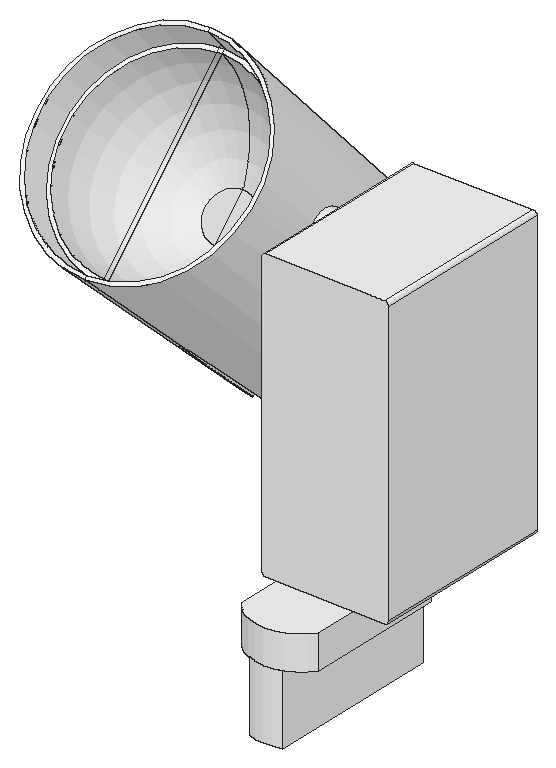
Revit family "0004814 Feilo Sylvania Lighting Fixture START TRACK SPOT S 24W 3K RA80 NB WHITE", category Lighting Fixtures, host Face, Revit 2017
Family settings
  Host = Face
  Round Connector Dimension = Use Diameter
  Part Type = Normal
  OmniClass Number = 23.80.70.00
  OmniClass Title = Lighting
  Cut with Voids When Loaded = No
  Light Source = No
  Shared = No
  Room Calculation Point = No
Parameters (values of type "0004814 START TRACK SPOT S 24W 3K RA80 NB WHITE")
  Weight = "0.966 kg"
  Wattage Comments = ""
  WarrantyStartDate [instance] = "n/a"
  WarrantyGuarantorParts = "n/a"
  WarrantyDurationUnit = "n/a"
  WarrantyDurationParts = "n/a"
  WarrantyDescription = "n/a"
  Voltage = 230 V
  URL = "http://www.sylvania-lighting.com"
  TypeName = "START TRACK SPOT S 24W 3K RA80 NB WHITE"
  TypeHead_FEILO = Start Track Spot Head : 0004814 START TRACK SPOT S 24W 3K RA80 NB WHITE
  TypeBox_FEILO = Start Track Spot Box : Type Small White
  Type Image = <None>
  Type Comments = "n/a"
  VerticalRotation_FEILO [instance] = 0.00°
  SlideEndAngle_FEILO [instance] = VerticalRotation_FEILO + 180.00°  # 180.00°
  SerialNumber [instance] = "n/a"
  Material_3_FEILO = none
  PowerFactor = 0.95
  PowerConsumption = "24 W"
  NominalLength = 0 mm
  NominalHeight = 200 mm
  NominalDepth = 140 mm
  Name = "START TRACK SPOT S 24W 3K RA80 NB WHITE"
  ModelReference = Name  # "START TRACK SPOT S 24W 3K RA80 NB WHITE"
  ModelNumber = "0004814"
  Model = Name  # "START TRACK SPOT S 24W 3K RA80 NB WHITE"
  Material = "adc12 aluminium housing, polycarbonate diffuser"
  ManufacturerName = "Feilo Sylvania"
  Manufacturer = "Feilo Sylvania"
  LuminousEfficacy = "97 lm/W"
  LuminaireType = ""
  LightOutputRatio = "100"
  LampsType = Lamp  # "LED"
  LampNominalLuminous = "2334 lm"
  LampMacAdamStep = "3"
  LampColourTemperature = "3000 K"
  LampColourRenderingIndex = "80"
  Lamp = "LED"
  Keynote = "16500"
  InstallationDate [instance] = "n/a"
  InputVoltage = "230-240V~"
  InputNominalFrequency = "50/60 Hz"
  IngressProtection = "IP20"
  ImpactProtectionIndex = "IK02"
  IfcExportType = "IfcLightFixtureType"
  IfcExportAs = "IfcLightFixtureType"
  HorizontalRotation_FEILO [instance] = 45.00°
  ExpectedLife = 50000
  ElectricShockClassification = "Class II"
  DurationUnit = "hours"
  DocumentationLiterature = "http://www.sylvania-lighting.com/product/en-int/products/0004814"
  DimmingControlOptions = "Non dimmable"
  Material_2_FEILO = none
  Description = "Integrated LED spotlight, Textured White - RAL9016, compact and minimalist design, ideal for retail applications, die-cast aluminium body, passive cooling heatsink. Beam angle: 12°, color temperature: 3000K , total system power: 24W, total fixture output: 2334 lm, LOR: 100%, colour rendering: Ra: 80 typical, LED Chromaticity: 3 step MacAdam ellipse, lifetime: >50000 hours at L70B50, energy class: A++, A+, A, IR/UV free light source without heat radiation, operating voltage: 220-240V / 50-60Hz, drive current: 600mA, electronic driver, non-dimmable, power factor: 0.95, electrical protection: Class II, Global Track 3 Phase adapter suitable for Global trac 3-circuit tracks, ingress protection rating: IP20, suitable for internal environment only, horizontal rotation: 355°, vertical tilt: 90°, dimensions: Ø86x140x200, weight: 0.966kg."
  Default Elevation = 1219.2 mm
  CreatedOn = "12/12/2017"
  CreatedBy = ""
  Cost = 0
  built-in parameter 1114216 [instance] = (empty or 0)
  ClassificationValue = "EF_70_80"
  ClassificationName = "Uniclass2015"
  Material_1_FEILO = Body-Sylvania-StartTrackSpot-White
  BarCode [instance] = "n/a"
  AssetType = "Fixed"
  AssetIdentifier [instance] = "n/a"
  Assembly Code = "D5020200"
  Apparent Load = 24 VA
  Material_4_FEILO = none
Reference planes
  plane 1 "Center (Front/Back)": y = 0
  plane 2: z = 0
  plane 3 "Center (Left/Right)": x = 0
  plane 4: x = 15
  plane 5: x = -15
  plane 6: y = 35
  plane 7: y = -35
  plane 8: z = 13
  plane 9: z = -27
  plane 10: x = 6.5
  plane 11: x = -6.5
  plane 12: y = 27
  plane 13: y = -27
  plane 14: y = 20
Forms (mm)
  Extrusion 1, solid, material "Body-Sylvania-StartTrackSpot-White" <- "Material_1_FEILO"
    sketch origin (0, 0, 0) x (1, 0, 0) y (0, 1, 0)
      loop
        line (-15, 27) -> (-15, -27)
        arc (-15, -27) -> (0, -35) -> (15, -27) r 18.062
        line (15, -27) -> (15, 27)
        arc (15, 27) -> (0, 35) -> (-15, 27) r 18.062
    from 0 to 13
  Extrusion 2, solid, material "Body-Sylvania-StartTrackSpot-White" <- "Material_1_FEILO"
    sketch origin (0, 0, 0) x (1, 0, 0) y (0, 1, 0)
      loop
        arc (6.5, 33.79) -> (0, 35) -> (-6.5, 33.79) r 18.062
        line (-6.5, 33.79) -> (-6.5, -33.79)
        arc (-6.5, -33.79) -> (0, -35) -> (6.5, -33.79) r 18.062
        line (6.5, -33.79) -> (6.5, 33.79)
    from 0 to -27
  Revolve 3, solid, not visible
    sketch origin (1524, 20, 1219.2) x (1, 0, 0) y (0, 0, 1)
      loop
        line (-1524, -1206.2) -> (-1524, -1191.285) -> (-1530.5, -1191.285) -> (-1530.5, -1206.2) -> (-1524, -1206.2)
      axis (-1524, -1191.285) -> (-1524, -1206.2)
    angle from 0 <- "VerticalRotation_FEILO" to 180 <- "SlideEndAngle_FEILO"
Cuts and joins
  joined: Extrusion 1, Extrusion 2
Dimensions and locks
  equal spacing: plane 10, plane 3 "Center (Left/Right)", plane 11
  equal spacing: plane 4, plane 3 "Center (Left/Right)", plane 5
  locked: plane 8 to plane 2 at 13
  locked: plane 8 to plane 9 at 40
  equal spacing: plane 13, plane 1 "Center (Front/Back)", plane 12
  locked: plane 12 to plane 6 at 8
  locked: plane 14 to plane 6 at 15
  locked: Revolve 3 sketch curve to plane 8 at 14.915
  aligned and locked: plane 2 to host face
  aligned and locked: level to host face
  aligned and locked: plane 5 to Extrusion 1 sketch curve  (x2)
  aligned and locked: plane 12 to Extrusion 1 sketch curve
  aligned and locked: plane 13 to Extrusion 1 sketch curve
  aligned and locked: plane 4 to Extrusion 1 sketch curve
  aligned and locked: Extrusion 1 to plane 8
  aligned and locked: Extrusion 1 to level
  aligned and locked: Extrusion 2 sketch curve to Extrusion 1  (x2)
  aligned and locked: Extrusion 2 sketch curve to plane 11
  aligned and locked: plane 10 to Extrusion 2 sketch curve
  aligned and locked: plane 9 to Extrusion 2
  aligned and locked: level to Extrusion 2
  aligned and locked: Revolve 3 sketch curve to plane 3 "Center (Left/Right)"  (x2)
  aligned and locked: plane 11 to Revolve 3 sketch curve
  aligned and locked: Revolve 3 sketch curve to plane 8
Automatic sketch dimensions
  host sketch curve to host sketch curve = 2438.4 mm  (x2)
  Extrusion 1 sketch curve to plane 3 "Center (Left/Right)" = 0 mm  (x2)
  Extrusion 1 sketch curve to plane 13 = 10.062 mm
  plane 12 to Extrusion 1 sketch curve = 10.062 mm
  Revolve 3 sketch curve to plane 3 "Center (Left/Right)" = 0 mm
  plane 9 to Revolve 3 sketch curve = 582.6 mm
  Revolve 3 sketch curve to Revolve 3 sketch curve = 2581.144 mm
Nested families
  nested 1: "Start Track Spot Head" at (-62, 20, 112.529) x (0, 0.7071, 0.7071) z (0, 0.7071, -0.7071), type <- "TypeHead_FEILO", type "0004814 START TRACK SPOT S 24W 3K RA80 NB WHITE"
    with built-in parameter 1114216 (empty or 0)
  nested 2: "Start Track Spot Box" at (8.5, 20, 73) x (-1, 0, 0) z (0, -1, 0), BoxStartAngle_FEILO <- "HorizontalRotation_FEILO", type <- "TypeBox_FEILO", type "Type Small White"
    with BoxStartAngle_FEILO 45.00°, BoxEndAngle_FEILO -135.00°
Connectors
  electrical at (0, 0, 0), driven by "Apparent Load", driven by "PowerFactor", driven by "Voltage"
    settings: index 1, voltage 230 V, apparent load 24 VA, apparent load phase1 0 VA, apparent load phase2 0 VA, apparent load phase3 0 VA, power factor 0.95, load classification "Lighting", number of poles 1, system type 30, power factor state 1, is connector primary yes, connector utility no, sub classification motor no, connector description ""
Definition of nested family "Start Track Spot Head"
  Parameters (values of type "0004811 START TRACK SPOT S 14W 3K RA80 NB WHITE")
    Wattage Comments = "n/a"
    Wattage = 14 W
    built-in parameter 1150110 = 1 (stored number, unit not read)
    URL = "http://www.feilosylvania.com"
    Type Image = (empty or 0)
    Type Comments = "n/a"
    built-in parameter 1114217 = 1 (stored number, unit not read)
    Tilt Angle = -90.00°
    built-in parameter 1150109 = 1 (stored number, unit not read)
    built-in parameter 1150134 = (empty or 0)
    built-in parameter 1150113 = 1 (stored number, unit not read)
    Photometric Web File = "0004811.ies"
    Material_3_FEILO = none
    Model = "START TRACK SPOT S 14W 3K RA80 NB WHITE"
    Manufacturer = "Feilo Sylvania"
    built-in parameter 1150105 = 123.66 (stored number, unit not read)
    Lumens = 1554 lm
    built-in parameter 1150115 = 1 (stored number, unit not read)
    built-in parameter 1150137 = (empty or 0)
    built-in parameter 1150139 = (empty or 0)
    built-in parameter 1150112 = 1 (stored number, unit not read)
    built-in parameter 1150114 = 1 (stored number, unit not read)
    Lamp = "LED"
    Keynote = "16500"
    Material_2_FEILO = none
    built-in parameter 1150132 = (empty or 0)
    built-in parameter 1150102 = (empty or 0)
    built-in parameter 1150107 = 3000 (stored number, unit not read)
    built-in parameter 1150138 = (empty or 0)
    built-in parameter 1150106 = 1.2366 (stored number, unit not read)
    HeadThickness_FEILO = if(HeadDiaOut_FEILO > 112 mm, 2 mm, 1.5 mm)  # 1.5 mm
    HeadRibOffset_FEILO = HeadHeight_FEILO / 28  # 4.179 mm
    HeadRibDepth_FEILO = HeadHeight_FEILO / 2.1  # 55.714 mm
    HeadRibCutWidth_FEILO = HeadDiaOut_FEILO / 12  # 7.167 mm
    HeadRibCutOffset_FEILO = HeadHeight_FEILO / 2.3  # 50.87 mm
    HeadReflectorRadius_FEILO = HeadDiaOut_FEILO / 1.7  # 50.588 mm
    HeadReflectorOffset_FEILO = HeadHeight_FEILO / 2.1  # 55.714 mm
    HeadLEDRadius_FEILO = HeadDiaOut_FEILO / 9  # 9.556 mm
    HeadHeight_FEILO = 117 mm
    HeadDraft_FEILO = 1 mm
    HeadDiffusorThickness_FEILO = 3 mm
    HeadDiffusorOffset_FEILO = HeadHeight_FEILO / 12.4  # 9.435 mm
    HeadDiaOut_FEILO = 86 mm
    HeadDiaIn_FEILO = HeadDiaOut_FEILO / 1.11  # 77.477 mm
    HeadAxisFromTop_FEILO = HeadHeight_FEILO / 1.687  # 69.354 mm
    Emit from Circle Diameter = HeadDiaIn_FEILO  # 77.477 mm
    Emit Shape Visible in Rendering = no
    built-in parameter 1150104 = 10.312 (stored number, unit not read)
    Dimming Lamp Color Temperature Shift = (empty or 0)
    Description = "Integrated LED spotlight, Textured White - RAL9016, compact and minimalist design, ideal for retail applications, die-cast aluminium body, passive cooling heatsink. Beam angle: 12°, color temperature: 3000K , total system power: 14W, total fixture output: 1551 lm, LOR: 100%, colour rendering: Ra: 80 typical, LED Chromaticity: 3 step MacAdam ellipse, lifetime: >50000 hours at L70B50, energy class: A++, A+, A, IR/UV free light source without heat radiation, operating voltage: 220-240V / 50-60Hz, drive current: 350mA, electronic driver, non-dimmable, power factor: 0.92, electrical protection: Class II, Global Track 3 Phase adapter suitable for Global trac 3-circuit tracks, ingress protection rating: IP20, suitable for internal environment only, horizontal rotation: 355°, vertical tilt: 90°, dimensions: Ø86x140x200, weight: 0.940kg."
    Default Elevation = 1219.2 mm
    Cost = 0
    Color Filter = 16777215
    built-in parameter 1114216 [instance] = (empty or 0)
    Material_1_FEILO = none
    built-in parameter 1114218 = 1 (stored number, unit not read)
    built-in parameter 1150133 = 10 (stored number, unit not read)
    Assembly Code = "D5020200"
    Apparent Load = 14 VA
    Material_4_FEILO = none
  Types (96, lengths in mm): name | Wattage | built-in parameter 1150134 | Photometric Web File | Model | built-in parameter 1150105 | Lumens | built-in parameter 1150107 | built-in parameter 1150106 | HeadThickness_FEILO | HeadRibOffset_FEILO | HeadRibDepth_FEILO | HeadRibCutWidth_FEILO | HeadRibCutOffset_FEILO | HeadReflectorRadius_FEILO | HeadReflectorOffset_FEILO | HeadLEDRadius_FEILO | HeadHeight_FEILO | HeadDiffusorOffset_FEILO | HeadDiaOut_FEILO | HeadDiaIn_FEILO | HeadAxisFromTop_FEILO | Emit from Circle Diameter | built-in parameter 1150104 | Description | Apparent Load
    0004906 START TRACK SPOT L 55W 4K RA90 WB BLACK | 55 W | 12 | "0004906.ies" | "START TRACK SPOT L 55W 4K RA90 WB BLACK" | 385.15 (stored number, unit not read) | 4840 lm | 4000 (stored number, unit not read) | 3.8515 (stored number, unit not read) | 2 | 4.429 | 59.048 | 9.417 | 53.913 | 66.471 | 59.048 | 12.556 | 124 | 10 | 113 | 101.802 | 73.503 | 101.802 | 8.1755 (stored number, unit not read) | "Integrated LED spotlight, Textured Black - RAL9005, compact and minimalist design, ideal for retail applications, die-cast aluminium body, passive cooling heatsink. Beam angle: 52°, color temperature: 4000K , total system power: 55W, total fixture output: 4824 lm, LOR: 100%, colour rendering: Ra: 90 typical, LED Chromaticity: 3 step MacAdam ellipse, lifetime: >50000 hours at L70B50, energy class: A++, A+, A, IR/UV free light source without heat radiation, operating voltage: 220-240V / 50-60Hz, drive current: 1400mA, electronic driver, non-dimmable, power factor: 0.96, electrical protection: Class II, Global Track 3 Phase adapter suitable for Global trac 3-circuit tracks, ingress protection rating: IP20, suitable for internal environment only, horizontal rotation: 355°, vertical tilt: 90°, dimensions: Ø113x164x240, weight: 1.398kg." | 55 VA
    0004905 START TRACK SPOT L 55W 4K RA90 MB BLACK | 55 W | 12 | "0004905.ies" | "START TRACK SPOT L 55W 4K RA90 MB BLACK" | 389.53 (stored number, unit not read) | 4895 lm | 4000 (stored number, unit not read) | 3.8953 (stored number, unit not read) | 2 | 4.429 | 59.048 | 9.417 | 53.913 | 66.471 | 59.048 | 12.556 | 124 | 10 | 113 | 101.802 | 73.503 | 101.802 | 8.2684 (stored number, unit not read) | "Integrated LED spotlight, Textured Black - RAL9005, compact and minimalist design, ideal for retail applications, die-cast aluminium body, passive cooling heatsink. Beam angle: 38°, color temperature: 4000K , total system power: 55W, total fixture output: 4897 lm, LOR: 100%, colour rendering: Ra: 90 typical, LED Chromaticity: 3 step MacAdam ellipse, lifetime: >50000 hours at L70B50, energy class: A++, A+, A, IR/UV free light source without heat radiation, operating voltage: 220-240V / 50-60Hz, drive current: 1400mA, electronic driver, non-dimmable, power factor: 0.96, electrical protection: Class II, Global Track 3 Phase adapter suitable for Global trac 3-circuit tracks, ingress protection rating: IP20, suitable for internal environment only, horizontal rotation: 355°, vertical tilt: 90°, dimensions: Ø113x164x240, weight: 1.398kg." | 55 VA
    0004904 START TRACK SPOT L 55W 4K RA90 NB BLACK | 55 W | 12 | "0004904.ies" | "START TRACK SPOT L 55W 4K RA90 NB BLACK" | 393.91 (stored number, unit not read) | 4950 lm | 4000 (stored number, unit not read) | 3.9391 (stored number, unit not read) | 2 | 4.429 | 59.048 | 9.417 | 53.913 | 66.471 | 59.048 | 12.556 | 124 | 10 | 113 | 101.802 | 73.503 | 101.802 | 8.3613 (stored number, unit not read) | "Integrated LED spotlight, Textured Black - RAL9005, compact and minimalist design, ideal for retail applications, die-cast aluminium body, passive cooling heatsink. Beam angle: 15°, color temperature: 4000K , total system power: 55W, total fixture output: 4965 lm, LOR: 100%, colour rendering: Ra: 90 typical, LED Chromaticity: 3 step MacAdam ellipse, lifetime: >50000 hours at L70B50, energy class: A++, A+, A, IR/UV free light source without heat radiation, operating voltage: 220-240V / 50-60Hz, drive current: 1400mA, electronic driver, non-dimmable, power factor: 0.96, electrical protection: Class II, Global Track 3 Phase adapter suitable for Global trac 3-circuit tracks, ingress protection rating: IP20, suitable for internal environment only, horizontal rotation: 355°, vertical tilt: 90°, dimensions: Ø113x164x240, weight: 1.398kg." | 55 VA
    0004903 START TRACK SPOT L 35W 4K RA90 WB BLACK | 35 W | 12 | "0004903.ies" | "START TRACK SPOT L 35W 4K RA90 WB BLACK" | 284.09 (stored number, unit not read) | 3570 lm | 4000 (stored number, unit not read) | 2.8409 (stored number, unit not read) | 2 | 4.429 | 59.048 | 9.417 | 53.913 | 66.471 | 59.048 | 12.556 | 124 | 10 | 113 | 101.802 | 73.503 | 101.802 | 9.4761 (stored number, unit not read) | "Integrated LED spotlight, Textured Black - RAL9005, compact and minimalist design, ideal for retail applications, die-cast aluminium body, passive cooling heatsink. Beam angle: 52°, color temperature: 4000K , total system power: 35W, total fixture output: 3562 lm, LOR: 100%, colour rendering: Ra: 90 typical, LED Chromaticity: 3 step MacAdam ellipse, lifetime: >50000 hours at L70B50, energy class: A++, A+, A, IR/UV free light source without heat radiation, operating voltage: 220-240V / 50-60Hz, drive current: 900mA, electronic driver, non-dimmable, power factor: 0.93, electrical protection: Class II, Global Track 3 Phase adapter suitable for Global trac 3-circuit tracks, ingress protection rating: IP20, suitable for internal environment only, horizontal rotation: 355°, vertical tilt: 90°, dimensions: Ø113x164x240, weight: 1.368kg." | 35 VA
    0004902 START TRACK SPOT L 35W 4K RA90 MB BLACK | 35 W | 12 | "0004902.ies" | "START TRACK SPOT L 35W 4K RA90 MB BLACK" | 286.88 (stored number, unit not read) | 3605 lm | 4000 (stored number, unit not read) | 2.8688 (stored number, unit not read) | 2 | 4.429 | 59.048 | 9.417 | 53.913 | 66.471 | 59.048 | 12.556 | 124 | 10 | 113 | 101.802 | 73.503 | 101.802 | 9.569 (stored number, unit not read) | "Integrated LED spotlight, Textured Black - RAL9005, compact and minimalist design, ideal for retail applications, die-cast aluminium body, passive cooling heatsink. Beam angle: 38°, color temperature: 4000K , total system power: 35W, total fixture output: 3616 lm, LOR: 100%, colour rendering: Ra: 90 typical, LED Chromaticity: 3 step MacAdam ellipse, lifetime: >50000 hours at L70B50, energy class: A++, A+, A, IR/UV free light source without heat radiation, operating voltage: 220-240V / 50-60Hz, drive current: 900mA, electronic driver, non-dimmable, power factor: 0.93, electrical protection: Class II, Global Track 3 Phase adapter suitable for Global trac 3-circuit tracks, ingress protection rating: IP20, suitable for internal environment only, horizontal rotation: 355°, vertical tilt: 90°, dimensions: Ø113x164x240, weight: 1.368kg." | 35 VA
    0004901 START TRACK SPOT L 35W 4K RA90 NB BLACK | 35 W | 12 | "0004901.ies" | "START TRACK SPOT L 35W 4K RA90 NB BLACK" | 286.88 (stored number, unit not read) | 3605 lm | 4000 (stored number, unit not read) | 2.8688 (stored number, unit not read) | 2 | 4.429 | 59.048 | 9.417 | 53.913 | 66.471 | 59.048 | 12.556 | 124 | 10 | 113 | 101.802 | 73.503 | 101.802 | 9.569 (stored number, unit not read) | "Integrated LED spotlight, Textured Black - RAL9005, compact and minimalist design, ideal for retail applications, die-cast aluminium body, passive cooling heatsink. Beam angle: 15°, color temperature: 4000K , total system power: 35W, total fixture output: 3593 lm, LOR: 100%, colour rendering: Ra: 90 typical, LED Chromaticity: 3 step MacAdam ellipse, lifetime: >50000 hours at L70B50, energy class: A++, A+, A, IR/UV free light source without heat radiation, operating voltage: 220-240V / 50-60Hz, drive current: 900mA, electronic driver, non-dimmable, power factor: 0.93, electrical protection: Class II, Global Track 3 Phase adapter suitable for Global trac 3-circuit tracks, ingress protection rating: IP20, suitable for internal environment only, horizontal rotation: 355°, vertical tilt: 90°, dimensions: Ø113x164x240, weight: 1.368kg." | 35 VA
    0004900 START TRACK SPOT S 24W 4K RA90 WB BLACK | 24 W | 12 | "0004900.ies" | "START TRACK SPOT S 24W 4K RA90 WB BLACK" | 166.16 (stored number, unit not read) | 2088 lm | 4000 (stored number, unit not read) | 1.6616 (stored number, unit not read) | 1.5 | 4.179 | 55.714 | 7.167 | 50.87 | 50.588 | 55.714 | 9.556 | 117 | 9.435 | 86 | 77.477 | 69.354 | 77.477 | 8.0826 (stored number, unit not read) | "Integrated LED spotlight, Textured Black - RAL9005, compact and minimalist design, ideal for retail applications, die-cast aluminium body, passive cooling heatsink. Beam angle: 64°, color temperature: 4000K , total system power: 24W, total fixture output: 2087 lm, LOR: 100%, colour rendering: Ra: 90 typical, LED Chromaticity: 3 step MacAdam ellipse, lifetime: >50000 hours at L70B50, energy class: A++, A+, A, IR/UV free light source without heat radiation, operating voltage: 220-240V / 50-60Hz, drive current: 600mA, electronic driver, non-dimmable, power factor: 0.95, electrical protection: Class II, Global Track 3 Phase adapter suitable for Global trac 3-circuit tracks, ingress protection rating: IP20, suitable for internal environment only, horizontal rotation: 355°, vertical tilt: 90°, dimensions: Ø86x140x200, weight: 0.966kg." | 24 VA
    0004899 START TRACK SPOT S 24W 4K RA90 MB BLACK | 24 W | 12 | "0004899.ies" | "START TRACK SPOT S 24W 4K RA90 MB BLACK" | 169.98 (stored number, unit not read) | 2136 lm | 4000 (stored number, unit not read) | 1.6998 (stored number, unit not read) | 1.5 | 4.179 | 55.714 | 7.167 | 50.87 | 50.588 | 55.714 | 9.556 | 117 | 9.435 | 86 | 77.477 | 69.354 | 77.477 | 8.2684 (stored number, unit not read) | "Integrated LED spotlight, Textured Black - RAL9005, compact and minimalist design, ideal for retail applications, die-cast aluminium body, passive cooling heatsink. Beam angle: 36°, color temperature: 4000K , total system power: 24W, total fixture output: 2141 lm, LOR: 100%, colour rendering: Ra: 90 typical, LED Chromaticity: 3 step MacAdam ellipse, lifetime: >50000 hours at L70B50, energy class: A++, A+, A, IR/UV free light source without heat radiation, operating voltage: 220-240V / 50-60Hz, drive current: 600mA, electronic driver, non-dimmable, power factor: 0.95, electrical protection: Class II, Global Track 3 Phase adapter suitable for Global trac 3-circuit tracks, ingress protection rating: IP20, suitable for internal environment only, horizontal rotation: 355°, vertical tilt: 90°, dimensions: Ø86x140x200, weight: 0.966kg." | 24 VA
    0004898 START TRACK SPOT S 24W 4K RA90 NB BLACK | 24 W | 12 | "0004898.ies" | "START TRACK SPOT S 24W 4K RA90 NB BLACK" | 171.89 (stored number, unit not read) | 2160 lm | 4000 (stored number, unit not read) | 1.7189 (stored number, unit not read) | 1.5 | 4.179 | 55.714 | 7.167 | 50.87 | 50.588 | 55.714 | 9.556 | 117 | 9.435 | 86 | 77.477 | 69.354 | 77.477 | 8.3613 (stored number, unit not read) | "Integrated LED spotlight, Textured Black - RAL9005, compact and minimalist design, ideal for retail applications, die-cast aluminium body, passive cooling heatsink. Beam angle: 12°, color temperature: 4000K , total system power: 24W, total fixture output: 2155 lm, LOR: 100%, colour rendering: Ra: 90 typical, LED Chromaticity: 3 step MacAdam ellipse, lifetime: >50000 hours at L70B50, energy class: A++, A+, A, IR/UV free light source without heat radiation, operating voltage: 220-240V / 50-60Hz, drive current: 600mA, electronic driver, non-dimmable, power factor: 0.95, electrical protection: Class II, Global Track 3 Phase adapter suitable for Global trac 3-circuit tracks, ingress protection rating: IP20, suitable for internal environment only, horizontal rotation: 355°, vertical tilt: 90°, dimensions: Ø86x140x200, weight: 0.966kg." | 24 VA
    0004897 START TRACK SPOT S 14W 4K RA90 WB BLACK | 14 W | 12 | "0004897.ies" | "START TRACK SPOT S 14W 4K RA90 WB BLACK" | 108.07 (stored number, unit not read) | 1358 lm | 4000 (stored number, unit not read) | 1.0807 (stored number, unit not read) | 1.5 | 4.179 | 55.714 | 7.167 | 50.87 | 50.588 | 55.714 | 9.556 | 117 | 9.435 | 86 | 77.477 | 69.354 | 77.477 | 9.0116 (stored number, unit not read) | "Integrated LED spotlight, Textured Black - RAL9005, compact and minimalist design, ideal for retail applications, die-cast aluminium body, passive cooling heatsink. Beam angle: 64°, color temperature: 4000K , total system power: 14W, total fixture output: 1352 lm, LOR: 100%, colour rendering: Ra: 90 typical, LED Chromaticity: 3 step MacAdam ellipse, lifetime: >50000 hours at L70B50, energy class: A++, A+, A, IR/UV free light source without heat radiation, operating voltage: 220-240V / 50-60Hz, drive current: 350mA, electronic driver, non-dimmable, power factor: 0.92, electrical protection: Class II, Global Track 3 Phase adapter suitable for Global trac 3-circuit tracks, ingress protection rating: IP20, suitable for internal environment only, horizontal rotation: 355°, vertical tilt: 90°, dimensions: Ø86x140x200, weight: 0.940kg." | 14 VA
    0004896 START TRACK SPOT S 14W 4K RA90 MB BLACK | 14 W | 12 | "0004896.ies" | "START TRACK SPOT S 14W 4K RA90 MB BLACK" | 108.07 (stored number, unit not read) | 1358 lm | 4000 (stored number, unit not read) | 1.0807 (stored number, unit not read) | 1.5 | 4.179 | 55.714 | 7.167 | 50.87 | 50.588 | 55.714 | 9.556 | 117 | 9.435 | 86 | 77.477 | 69.354 | 77.477 | 9.0116 (stored number, unit not read) | "Integrated LED spotlight, Textured Black - RAL9005, compact and minimalist design, ideal for retail applications, die-cast aluminium body, passive cooling heatsink. Beam angle: 36°, color temperature: 4000K , total system power: 14W, total fixture output: 1359 lm, LOR: 100%, colour rendering: Ra: 90 typical, LED Chromaticity: 3 step MacAdam ellipse, lifetime: >50000 hours at L70B50, energy class: A++, A+, A, IR/UV free light source without heat radiation, operating voltage: 220-240V / 50-60Hz, drive current: 350mA, electronic driver, non-dimmable, power factor: 0.92, electrical protection: Class II, Global Track 3 Phase adapter suitable for Global trac 3-circuit tracks, ingress protection rating: IP20, suitable for internal environment only, horizontal rotation: 355°, vertical tilt: 90°, dimensions: Ø86x140x200, weight: 0.940kg." | 14 VA
    0004895 START TRACK SPOT S 14W 4K RA90 NB BLACK | 14 W | 12 | "0004895.ies" | "START TRACK SPOT S 14W 4K RA90 NB BLACK" | 106.95 (stored number, unit not read) | 1344 lm | 4000 (stored number, unit not read) | 1.0695 (stored number, unit not read) | 1.5 | 4.179 | 55.714 | 7.167 | 50.87 | 50.588 | 55.714 | 9.556 | 117 | 9.435 | 86 | 77.477 | 69.354 | 77.477 | 8.9187 (stored number, unit not read) | "Integrated LED spotlight, Textured Black - RAL9005, compact and minimalist design, ideal for retail applications, die-cast aluminium body, passive cooling heatsink. Beam angle: 12°, color temperature: 4000K , total system power: 14W, total fixture output: 1349 lm, LOR: 100%, colour rendering: Ra: 90 typical, LED Chromaticity: 3 step MacAdam ellipse, lifetime: >50000 hours at L70B50, energy class: A++, A+, A, IR/UV free light source without heat radiation, operating voltage: 220-240V / 50-60Hz, drive current: 350mA, electronic driver, non-dimmable, power factor: 0.92, electrical protection: Class II, Global Track 3 Phase adapter suitable for Global trac 3-circuit tracks, ingress protection rating: IP20, suitable for internal environment only, horizontal rotation: 355°, vertical tilt: 90°, dimensions: Ø86x140x200, weight: 0.940kg." | 14 VA
    0004894 START TRACK SPOT L 55W 3K RA90 WB BLACK | 55 W | (empty or 0) | "0004894.ies" | "START TRACK SPOT L 55W 3K RA90 WB BLACK" | 350.14 (stored number, unit not read) | 4400 lm | 3000 (stored number, unit not read) | 3.5014 (stored number, unit not read) | 2 | 4.429 | 59.048 | 9.417 | 53.913 | 66.471 | 59.048 | 12.556 | 124 | 10 | 113 | 101.802 | 73.503 | 101.802 | 7.4322 (stored number, unit not read) | "Integrated LED spotlight, Textured Black - RAL9005, compact and minimalist design, ideal for retail applications, die-cast aluminium body, passive cooling heatsink. Beam angle: 52°, color temperature: 3000K , total system power: 55W, total fixture output: 4405 lm, LOR: 100%, colour rendering: Ra: 90 typical, LED Chromaticity: 3 step MacAdam ellipse, lifetime: >50000 hours at L70B50, energy class: A++, A+, A, IR/UV free light source without heat radiation, operating voltage: 220-240V / 50-60Hz, drive current: 1400mA, electronic driver, non-dimmable, power factor: 0.96, electrical protection: Class II, Global Track 3 Phase adapter suitable for Global trac 3-circuit tracks, ingress protection rating: IP20, suitable for internal environment only, horizontal rotation: 355°, vertical tilt: 90°, dimensions: Ø113x164x240, weight: 1.398kg." | 55 VA
    0004893 START TRACK SPOT L 55W 3K RA90 MB BLACK | 55 W | (empty or 0) | "0004893.ies" | "START TRACK SPOT L 55W 3K RA90 MB BLACK" | 354.52 (stored number, unit not read) | 4455 lm | 3000 (stored number, unit not read) | 3.5452 (stored number, unit not read) | 2 | 4.429 | 59.048 | 9.417 | 53.913 | 66.471 | 59.048 | 12.556 | 124 | 10 | 113 | 101.802 | 73.503 | 101.802 | 7.5251 (stored number, unit not read) | "Integrated LED spotlight, Textured Black - RAL9005, compact and minimalist design, ideal for retail applications, die-cast aluminium body, passive cooling heatsink. Beam angle: 38°, color temperature: 3000K , total system power: 55W, total fixture output: 4448 lm, LOR: 100%, colour rendering: Ra: 90 typical, LED Chromaticity: 3 step MacAdam ellipse, lifetime: >50000 hours at L70B50, energy class: A++, A+, A, IR/UV free light source without heat radiation, operating voltage: 220-240V / 50-60Hz, drive current: 1400mA, electronic driver, non-dimmable, power factor: 0.96, electrical protection: Class II, Global Track 3 Phase adapter suitable for Global trac 3-circuit tracks, ingress protection rating: IP20, suitable for internal environment only, horizontal rotation: 355°, vertical tilt: 90°, dimensions: Ø113x164x240, weight: 1.398kg." | 55 VA
    0004892 START TRACK SPOT L 55W 3K RA90 NB BLACK | 55 W | (empty or 0) | "0004892.ies" | "START TRACK SPOT L 55W 3K RA90 NB BLACK" | 350.14 (stored number, unit not read) | 4400 lm | 3000 (stored number, unit not read) | 3.5014 (stored number, unit not read) | 2 | 4.429 | 59.048 | 9.417 | 53.913 | 66.471 | 59.048 | 12.556 | 124 | 10 | 113 | 101.802 | 73.503 | 101.802 | 7.4322 (stored number, unit not read) | "Integrated LED spotlight, Textured Black - RAL9005, compact and minimalist design, ideal for retail applications, die-cast aluminium body, passive cooling heatsink. Beam angle: 15°, color temperature: 3000K , total system power: 55W, total fixture output: 4416 lm, LOR: 100%, colour rendering: Ra: 90 typical, LED Chromaticity: 3 step MacAdam ellipse, lifetime: >50000 hours at L70B50, energy class: A++, A+, A, IR/UV free light source without heat radiation, operating voltage: 220-240V / 50-60Hz, drive current: 1400mA, electronic driver, non-dimmable, power factor: 0.96, electrical protection: Class II, Global Track 3 Phase adapter suitable for Global trac 3-circuit tracks, ingress protection rating: IP20, suitable for internal environment only, horizontal rotation: 355°, vertical tilt: 90°, dimensions: Ø113x164x240, weight: 1.398kg." | 55 VA
    0004891 START TRACK SPOT L 35W 3K RA90 WB BLACK | 35 W | (empty or 0) | "0004891.ies" | "START TRACK SPOT L 35W 3K RA90 WB BLACK" | 259.02 (stored number, unit not read) | 3255 lm | 3000 (stored number, unit not read) | 2.5902 (stored number, unit not read) | 2 | 4.429 | 59.048 | 9.417 | 53.913 | 66.471 | 59.048 | 12.556 | 124 | 10 | 113 | 101.802 | 73.503 | 101.802 | 8.64 (stored number, unit not read) | "Integrated LED spotlight, Textured Black - RAL9005, compact and minimalist design, ideal for retail applications, die-cast aluminium body, passive cooling heatsink. Beam angle: 52°, color temperature: 3000K , total system power: 35W, total fixture output: 3260 lm, LOR: 100%, colour rendering: Ra: 90 typical, LED Chromaticity: 3 step MacAdam ellipse, lifetime: >50000 hours at L70B50, energy class: A++, A+, A, IR/UV free light source without heat radiation, operating voltage: 220-240V / 50-60Hz, drive current: 900mA, electronic driver, non-dimmable, power factor: 0.93, electrical protection: Class II, Global Track 3 Phase adapter suitable for Global trac 3-circuit tracks, ingress protection rating: IP20, suitable for internal environment only, horizontal rotation: 355°, vertical tilt: 90°, dimensions: Ø113x164x240, weight: 1.368kg." | 35 VA
    0004890 START TRACK SPOT L 35W 3K RA90 MB BLACK | 35 W | (empty or 0) | "0004890.ies" | "START TRACK SPOT L 35W 3K RA90 MB BLACK" | 261.81 (stored number, unit not read) | 3290 lm | 3000 (stored number, unit not read) | 2.6181 (stored number, unit not read) | 2 | 4.429 | 59.048 | 9.417 | 53.913 | 66.471 | 59.048 | 12.556 | 124 | 10 | 113 | 101.802 | 73.503 | 101.802 | 8.7329 (stored number, unit not read) | "Integrated LED spotlight, Textured Black - RAL9005, compact and minimalist design, ideal for retail applications, die-cast aluminium body, passive cooling heatsink. Beam angle: 38°, color temperature: 3000K , total system power: 35W, total fixture output: 3306 lm, LOR: 100%, colour rendering: Ra: 90 typical, LED Chromaticity: 3 step MacAdam ellipse, lifetime: >50000 hours at L70B50, energy class: A++, A+, A, IR/UV free light source without heat radiation, operating voltage: 220-240V / 50-60Hz, drive current: 900mA, electronic driver, non-dimmable, power factor: 0.93, electrical protection: Class II, Global Track 3 Phase adapter suitable for Global trac 3-circuit tracks, ingress protection rating: IP20, suitable for internal environment only, horizontal rotation: 355°, vertical tilt: 90°, dimensions: Ø113x164x240, weight: 1.368kg." | 35 VA
    0004889 START TRACK SPOT L 35W 3K RA90 NB BLACK | 35 W | (empty or 0) | "0004889.ies" | "START TRACK SPOT L 35W 3K RA90 NB BLACK" | 261.81 (stored number, unit not read) | 3290 lm | 3000 (stored number, unit not read) | 2.6181 (stored number, unit not read) | 2 | 4.429 | 59.048 | 9.417 | 53.913 | 66.471 | 59.048 | 12.556 | 124 | 10 | 113 | 101.802 | 73.503 | 101.802 | 8.7329 (stored number, unit not read) | "Integrated LED spotlight, Textured Black - RAL9005, compact and minimalist design, ideal for retail applications, die-cast aluminium body, passive cooling heatsink. Beam angle: 15°, color temperature: 3000K , total system power: 35W, total fixture output: 3287 lm, LOR: 100%, colour rendering: Ra: 90 typical, LED Chromaticity: 3 step MacAdam ellipse, lifetime: >50000 hours at L70B50, energy class: A++, A+, A, IR/UV free light source without heat radiation, operating voltage: 220-240V / 50-60Hz, drive current: 900mA, electronic driver, non-dimmable, power factor: 0.93, electrical protection: Class II, Global Track 3 Phase adapter suitable for Global trac 3-circuit tracks, ingress protection rating: IP20, suitable for internal environment only, horizontal rotation: 355°, vertical tilt: 90°, dimensions: Ø113x164x240, weight: 1.368kg." | 35 VA
    0004888 START TRACK SPOT S 24W 3K RA90 WB BLACK | 24 W | (empty or 0) | "0004888.ies" | "START TRACK SPOT S 24W 3K RA90 WB BLACK" | 152.79 (stored number, unit not read) | 1920 lm | 3000 (stored number, unit not read) | 1.5279 (stored number, unit not read) | 1.5 | 4.179 | 55.714 | 7.167 | 50.87 | 50.588 | 55.714 | 9.556 | 117 | 9.435 | 86 | 77.477 | 69.354 | 77.477 | 7.4322 (stored number, unit not read) | "Integrated LED spotlight, Textured Black - RAL9005, compact and minimalist design, ideal for retail applications, die-cast aluminium body, passive cooling heatsink. Beam angle: 64°, color temperature: 3000K , total system power: 24W, total fixture output: 1928 lm, LOR: 100%, colour rendering: Ra: 90 typical, LED Chromaticity: 3 step MacAdam ellipse, lifetime: >50000 hours at L70B50, energy class: A++, A+, A, IR/UV free light source without heat radiation, operating voltage: 220-240V / 50-60Hz, drive current: 600mA, electronic driver, non-dimmable, power factor: 0.95, electrical protection: Class II, Global Track 3 Phase adapter suitable for Global trac 3-circuit tracks, ingress protection rating: IP20, suitable for internal environment only, horizontal rotation: 355°, vertical tilt: 90°, dimensions: Ø86x140x200, weight: 0.966kg." | 24 VA
    0004887 START TRACK SPOT S 24W 3K RA90 MB BLACK | 24 W | (empty or 0) | "0004887.ies" | "START TRACK SPOT S 24W 3K RA90 MB BLACK" | 154.7 (stored number, unit not read) | 1944 lm | 3000 (stored number, unit not read) | 1.547 (stored number, unit not read) | 1.5 | 4.179 | 55.714 | 7.167 | 50.87 | 50.588 | 55.714 | 9.556 | 117 | 9.435 | 86 | 77.477 | 69.354 | 77.477 | 7.5251 (stored number, unit not read) | "Integrated LED spotlight, Textured Black - RAL9005, compact and minimalist design, ideal for retail applications, die-cast aluminium body, passive cooling heatsink. Beam angle: 36°, color temperature: 3000K , total system power: 24W, total fixture output: 1944 lm, LOR: 100%, colour rendering: Ra: 90 typical, LED Chromaticity: 3 step MacAdam ellipse, lifetime: >50000 hours at L70B50, energy class: A++, A+, A, IR/UV free light source without heat radiation, operating voltage: 220-240V / 50-60Hz, drive current: 600mA, electronic driver, non-dimmable, power factor: 0.95, electrical protection: Class II, Global Track 3 Phase adapter suitable for Global trac 3-circuit tracks, ingress protection rating: IP20, suitable for internal environment only, horizontal rotation: 355°, vertical tilt: 90°, dimensions: Ø86x140x200, weight: 0.966kg." | 24 VA
    0004886 START TRACK SPOT S 24W 3K RA90 NB BLACK | 24 W | (empty or 0) | "0004886.ies" | "START TRACK SPOT S 24W 3K RA90 NB BLACK" | 158.52 (stored number, unit not read) | 1992 lm | 3000 (stored number, unit not read) | 1.5852 (stored number, unit not read) | 1.5 | 4.179 | 55.714 | 7.167 | 50.87 | 50.588 | 55.714 | 9.556 | 117 | 9.435 | 86 | 77.477 | 69.354 | 77.477 | 7.711 (stored number, unit not read) | "Integrated LED spotlight, Textured Black - RAL9005, compact and minimalist design, ideal for retail applications, die-cast aluminium body, passive cooling heatsink. Beam angle: 12°, color temperature: 3000K , total system power: 24W, total fixture output: 1987 lm, LOR: 100%, colour rendering: Ra: 90 typical, LED Chromaticity: 3 step MacAdam ellipse, lifetime: >50000 hours at L70B50, energy class: A++, A+, A, IR/UV free light source without heat radiation, operating voltage: 220-240V / 50-60Hz, drive current: 600mA, electronic driver, non-dimmable, power factor: 0.95, electrical protection: Class II, Global Track 3 Phase adapter suitable for Global trac 3-circuit tracks, ingress protection rating: IP20, suitable for internal environment only, horizontal rotation: 355°, vertical tilt: 90°, dimensions: Ø86x140x200, weight: 0.966kg." | 24 VA
    0004885 START TRACK SPOT S 14W 3K RA90 WB BLACK | 14 W | (empty or 0) | "0004885.ies" | "START TRACK SPOT S 14W 3K RA90 WB BLACK" | 100.27 (stored number, unit not read) | 1260 lm | 3000 (stored number, unit not read) | 1.0027 (stored number, unit not read) | 1.5 | 4.179 | 55.714 | 7.167 | 50.87 | 50.588 | 55.714 | 9.556 | 117 | 9.435 | 86 | 77.477 | 69.354 | 77.477 | 8.3613 (stored number, unit not read) | "Integrated LED spotlight, Textured Black - RAL9005, compact and minimalist design, ideal for retail applications, die-cast aluminium body, passive cooling heatsink. Beam angle: 64°, color temperature: 3000K , total system power: 14W, total fixture output: 1262 lm, LOR: 100%, colour rendering: Ra: 90 typical, LED Chromaticity: 3 step MacAdam ellipse, lifetime: >50000 hours at L70B50, energy class: A++, A+, A, IR/UV free light source without heat radiation, operating voltage: 220-240V / 50-60Hz, drive current: 350mA, electronic driver, non-dimmable, power factor: 0.92, electrical protection: Class II, Global Track 3 Phase adapter suitable for Global trac 3-circuit tracks, ingress protection rating: IP20, suitable for internal environment only, horizontal rotation: 355°, vertical tilt: 90°, dimensions: Ø86x140x200, weight: 0.940kg." | 14 VA
    0004884 START TRACK SPOT S 14W 3K RA90 MB BLACK | 14 W | (empty or 0) | "0004884.ies" | "START TRACK SPOT S 14W 3K RA90 MB BLACK" | 100.27 (stored number, unit not read) | 1260 lm | 3000 (stored number, unit not read) | 1.0027 (stored number, unit not read) | 1.5 | 4.179 | 55.714 | 7.167 | 50.87 | 50.588 | 55.714 | 9.556 | 117 | 9.435 | 86 | 77.477 | 69.354 | 77.477 | 8.3613 (stored number, unit not read) | "Integrated LED spotlight, Textured Black - RAL9005, compact and minimalist design, ideal for retail applications, die-cast aluminium body, passive cooling heatsink. Beam angle: 36°, color temperature: 3000K , total system power: 14W, total fixture output: 1262 lm, LOR: 100%, colour rendering: Ra: 90 typical, LED Chromaticity: 3 step MacAdam ellipse, lifetime: >50000 hours at L70B50, energy class: A++, A+, A, IR/UV free light source without heat radiation, operating voltage: 220-240V / 50-60Hz, drive current: 350mA, electronic driver, non-dimmable, power factor: 0.92, electrical protection: Class II, Global Track 3 Phase adapter suitable for Global trac 3-circuit tracks, ingress protection rating: IP20, suitable for internal environment only, horizontal rotation: 355°, vertical tilt: 90°, dimensions: Ø86x140x200, weight: 0.940kg." | 14 VA
    0004883 START TRACK SPOT S 14W 3K RA90 NB BLACK | 14 W | (empty or 0) | "0004883.ies" | "START TRACK SPOT S 14W 3K RA90 NB BLACK" | 102.5 (stored number, unit not read) | 1288 lm | 3000 (stored number, unit not read) | 1.025 (stored number, unit not read) | 1.5 | 4.179 | 55.714 | 7.167 | 50.87 | 50.588 | 55.714 | 9.556 | 117 | 9.435 | 86 | 77.477 | 69.354 | 77.477 | 8.5471 (stored number, unit not read) | "Integrated LED spotlight, Textured Black - RAL9005, compact and minimalist design, ideal for retail applications, die-cast aluminium body, passive cooling heatsink. Beam angle: 12°, color temperature: 3000K , total system power: 14W, total fixture output: 1284 lm, LOR: 100%, colour rendering: Ra: 90 typical, LED Chromaticity: 3 step MacAdam ellipse, lifetime: >50000 hours at L70B50, energy class: A++, A+, A, IR/UV free light source without heat radiation, operating voltage: 220-240V / 50-60Hz, drive current: 350mA, electronic driver, non-dimmable, power factor: 0.92, electrical protection: Class II, Global Track 3 Phase adapter suitable for Global trac 3-circuit tracks, ingress protection rating: IP20, suitable for internal environment only, horizontal rotation: 355°, vertical tilt: 90°, dimensions: Ø86x140x200, weight: 0.940kg." | 14 VA
    0004882 START TRACK SPOT L 55W 4K RA90 WB WHITE | 55 W | 12 | "0004882.ies" | "START TRACK SPOT L 55W 4K RA90 WB WHITE" | 385.15 (stored number, unit not read) | 4840 lm | 4000 (stored number, unit not read) | 3.8515 (stored number, unit not read) | 2 | 4.429 | 59.048 | 9.417 | 53.913 | 66.471 | 59.048 | 12.556 | 124 | 10 | 113 | 101.802 | 73.503 | 101.802 | 8.1755 (stored number, unit not read) | "Integrated LED spotlight, Textured White - RAL9016, compact and minimalist design, ideal for retail applications, die-cast aluminium body, passive cooling heatsink. Beam angle: 52°, color temperature: 4000K , total system power: 55W, total fixture output: 4824 lm, LOR: 100%, colour rendering: Ra: 90 typical, LED Chromaticity: 3 step MacAdam ellipse, lifetime: >50000 hours at L70B50, energy class: A++, A+, A, IR/UV free light source without heat radiation, operating voltage: 220-240V / 50-60Hz, drive current: 1400mA, electronic driver, non-dimmable, power factor: 0.96, electrical protection: Class II, Global Track 3 Phase adapter suitable for Global trac 3-circuit tracks, ingress protection rating: IP20, suitable for internal environment only, horizontal rotation: 355°, vertical tilt: 90°, dimensions: Ø113x164x240, weight: 1.398kg." | 55 VA
    0004881 START TRACK SPOT L 55W 4K RA90 MB WHITE | 55 W | 12 | "0004881.ies" | "START TRACK SPOT L 55W 4K RA90 MB WHITE" | 389.53 (stored number, unit not read) | 4895 lm | 4000 (stored number, unit not read) | 3.8953 (stored number, unit not read) | 2 | 4.429 | 59.048 | 9.417 | 53.913 | 66.471 | 59.048 | 12.556 | 124 | 10 | 113 | 101.802 | 73.503 | 101.802 | 8.2684 (stored number, unit not read) | "Integrated LED spotlight, Textured White - RAL9016, compact and minimalist design, ideal for retail applications, die-cast aluminium body, passive cooling heatsink. Beam angle: 38°, color temperature: 4000K , total system power: 55W, total fixture output: 4897 lm, LOR: 100%, colour rendering: Ra: 90 typical, LED Chromaticity: 3 step MacAdam ellipse, lifetime: >50000 hours at L70B50, energy class: A++, A+, A, IR/UV free light source without heat radiation, operating voltage: 220-240V / 50-60Hz, drive current: 1400mA, electronic driver, non-dimmable, power factor: 0.96, electrical protection: Class II, Global Track 3 Phase adapter suitable for Global trac 3-circuit tracks, ingress protection rating: IP20, suitable for internal environment only, horizontal rotation: 355°, vertical tilt: 90°, dimensions: Ø113x164x240, weight: 1.398kg." | 55 VA
    0004880 START TRACK SPOT L 55W 4K RA90 NB WHITE | 55 W | 12 | "0004880.ies" | "START TRACK SPOT L 55W 4K RA90 NB WHITE" | 393.91 (stored number, unit not read) | 4950 lm | 4000 (stored number, unit not read) | 3.9391 (stored number, unit not read) | 2 | 4.429 | 59.048 | 9.417 | 53.913 | 66.471 | 59.048 | 12.556 | 124 | 10 | 113 | 101.802 | 73.503 | 101.802 | 8.3613 (stored number, unit not read) | "Integrated LED spotlight, Textured White - RAL9016, compact and minimalist design, ideal for retail applications, die-cast aluminium body, passive cooling heatsink. Beam angle: 15°, color temperature: 4000K , total system power: 55W, total fixture output: 4965 lm, LOR: 100%, colour rendering: Ra: 90 typical, LED Chromaticity: 3 step MacAdam ellipse, lifetime: >50000 hours at L70B50, energy class: A++, A+, A, IR/UV free light source without heat radiation, operating voltage: 220-240V / 50-60Hz, drive current: 1400mA, electronic driver, non-dimmable, power factor: 0.96, electrical protection: Class II, Global Track 3 Phase adapter suitable for Global trac 3-circuit tracks, ingress protection rating: IP20, suitable for internal environment only, horizontal rotation: 355°, vertical tilt: 90°, dimensions: Ø113x164x240, weight: 1.398kg." | 55 VA
    0004879 START TRACK SPOT L 35W 4K RA90 WB WHITE | 35 W | 12 | "0004879.ies" | "START TRACK SPOT L 35W 4K RA90 WB WHITE" | 284.09 (stored number, unit not read) | 3570 lm | 4000 (stored number, unit not read) | 2.8409 (stored number, unit not read) | 2 | 4.429 | 59.048 | 9.417 | 53.913 | 66.471 | 59.048 | 12.556 | 124 | 10 | 113 | 101.802 | 73.503 | 101.802 | 9.4761 (stored number, unit not read) | "Integrated LED spotlight, Textured White - RAL9016, compact and minimalist design, ideal for retail applications, die-cast aluminium body, passive cooling heatsink. Beam angle: 52°, color temperature: 4000K , total system power: 35W, total fixture output: 3562 lm, LOR: 100%, colour rendering: Ra: 90 typical, LED Chromaticity: 3 step MacAdam ellipse, lifetime: >50000 hours at L70B50, energy class: A++, A+, A, IR/UV free light source without heat radiation, operating voltage: 220-240V / 50-60Hz, drive current: 900mA, electronic driver, non-dimmable, power factor: 0.93, electrical protection: Class II, Global Track 3 Phase adapter suitable for Global trac 3-circuit tracks, ingress protection rating: IP20, suitable for internal environment only, horizontal rotation: 355°, vertical tilt: 90°, dimensions: Ø113x164x240, weight: 1.368kg." | 35 VA
    0004878 START TRACK SPOT L 35W 4K RA90 MB WHITE | 35 W | 12 | "0004878.ies" | "START TRACK SPOT L 35W 4K RA90 MB WHITE" | 286.88 (stored number, unit not read) | 3605 lm | 4000 (stored number, unit not read) | 2.8688 (stored number, unit not read) | 2 | 4.429 | 59.048 | 9.417 | 53.913 | 66.471 | 59.048 | 12.556 | 124 | 10 | 113 | 101.802 | 73.503 | 101.802 | 9.569 (stored number, unit not read) | "Integrated LED spotlight, Textured White - RAL9016, compact and minimalist design, ideal for retail applications, die-cast aluminium body, passive cooling heatsink. Beam angle: 38°, color temperature: 4000K , total system power: 35W, total fixture output: 3616 lm, LOR: 100%, colour rendering: Ra: 90 typical, LED Chromaticity: 3 step MacAdam ellipse, lifetime: >50000 hours at L70B50, energy class: A++, A+, A, IR/UV free light source without heat radiation, operating voltage: 220-240V / 50-60Hz, drive current: 900mA, electronic driver, non-dimmable, power factor: 0.93, electrical protection: Class II, Global Track 3 Phase adapter suitable for Global trac 3-circuit tracks, ingress protection rating: IP20, suitable for internal environment only, horizontal rotation: 355°, vertical tilt: 90°, dimensions: Ø113x164x240, weight: 1.368kg." | 35 VA
    0004877 START TRACK SPOT L 35W 4K RA90 NB WHITE | 35 W | 12 | "0004877.ies" | "START TRACK SPOT L 35W 4K RA90 NB WHITE" | 286.88 (stored number, unit not read) | 3605 lm | 4000 (stored number, unit not read) | 2.8688 (stored number, unit not read) | 2 | 4.429 | 59.048 | 9.417 | 53.913 | 66.471 | 59.048 | 12.556 | 124 | 10 | 113 | 101.802 | 73.503 | 101.802 | 9.569 (stored number, unit not read) | "Integrated LED spotlight, Textured White - RAL9016, compact and minimalist design, ideal for retail applications, die-cast aluminium body, passive cooling heatsink. Beam angle: 15°, color temperature: 4000K , total system power: 35W, total fixture output: 3593 lm, LOR: 100%, colour rendering: Ra: 90 typical, LED Chromaticity: 3 step MacAdam ellipse, lifetime: >50000 hours at L70B50, energy class: A++, A+, A, IR/UV free light source without heat radiation, operating voltage: 220-240V / 50-60Hz, drive current: 900mA, electronic driver, non-dimmable, power factor: 0.93, electrical protection: Class II, Global Track 3 Phase adapter suitable for Global trac 3-circuit tracks, ingress protection rating: IP20, suitable for internal environment only, horizontal rotation: 355°, vertical tilt: 90°, dimensions: Ø113x164x240, weight: 1.368kg." | 35 VA
    0004876 START TRACK SPOT S 24W 4K RA90 WB WHITE | 24 W | 12 | "0004876.ies" | "START TRACK SPOT S 24W 4K RA90 WB WHITE" | 166.16 (stored number, unit not read) | 2088 lm | 4000 (stored number, unit not read) | 1.6616 (stored number, unit not read) | 1.5 | 4.179 | 55.714 | 7.167 | 50.87 | 50.588 | 55.714 | 9.556 | 117 | 9.435 | 86 | 77.477 | 69.354 | 77.477 | 8.0826 (stored number, unit not read) | "Integrated LED spotlight, Textured White - RAL9016, compact and minimalist design, ideal for retail applications, die-cast aluminium body, passive cooling heatsink. Beam angle: 64°, color temperature: 4000K , total system power: 24W, total fixture output: 2087 lm, LOR: 100%, colour rendering: Ra: 90 typical, LED Chromaticity: 3 step MacAdam ellipse, lifetime: >50000 hours at L70B50, energy class: A++, A+, A, IR/UV free light source without heat radiation, operating voltage: 220-240V / 50-60Hz, drive current: 600mA, electronic driver, non-dimmable, power factor: 0.95, electrical protection: Class II, Global Track 3 Phase adapter suitable for Global trac 3-circuit tracks, ingress protection rating: IP20, suitable for internal environment only, horizontal rotation: 355°, vertical tilt: 90°, dimensions: Ø86x140x200, weight: 0.966kg." | 24 VA
    0004875 START TRACK SPOT S 24W 4K RA90 MB WHITE | 24 W | 12 | "0004875.ies" | "START TRACK SPOT S 24W 4K RA90 MB WHITE" | 169.98 (stored number, unit not read) | 2136 lm | 4000 (stored number, unit not read) | 1.6998 (stored number, unit not read) | 1.5 | 4.179 | 55.714 | 7.167 | 50.87 | 50.588 | 55.714 | 9.556 | 117 | 9.435 | 86 | 77.477 | 69.354 | 77.477 | 8.2684 (stored number, unit not read) | "Integrated LED spotlight, Textured White - RAL9016, compact and minimalist design, ideal for retail applications, die-cast aluminium body, passive cooling heatsink. Beam angle: 36°, color temperature: 4000K , total system power: 24W, total fixture output: 2141 lm, LOR: 100%, colour rendering: Ra: 90 typical, LED Chromaticity: 3 step MacAdam ellipse, lifetime: >50000 hours at L70B50, energy class: A++, A+, A, IR/UV free light source without heat radiation, operating voltage: 220-240V / 50-60Hz, drive current: 600mA, electronic driver, non-dimmable, power factor: 0.95, electrical protection: Class II, Global Track 3 Phase adapter suitable for Global trac 3-circuit tracks, ingress protection rating: IP20, suitable for internal environment only, horizontal rotation: 355°, vertical tilt: 90°, dimensions: Ø86x140x200, weight: 0.966kg." | 24 VA
    0004874 START TRACK SPOT S 24W 4K RA90 NB WHITE | 24 W | 12 | "0004874.ies" | "START TRACK SPOT S 24W 4K RA90 NB WHITE" | 171.89 (stored number, unit not read) | 2160 lm | 4000 (stored number, unit not read) | 1.7189 (stored number, unit not read) | 1.5 | 4.179 | 55.714 | 7.167 | 50.87 | 50.588 | 55.714 | 9.556 | 117 | 9.435 | 86 | 77.477 | 69.354 | 77.477 | 8.3613 (stored number, unit not read) | "Integrated LED spotlight, Textured White - RAL9016, compact and minimalist design, ideal for retail applications, die-cast aluminium body, passive cooling heatsink. Beam angle: 12°, color temperature: 4000K , total system power: 24W, total fixture output: 2155 lm, LOR: 100%, colour rendering: Ra: 90 typical, LED Chromaticity: 3 step MacAdam ellipse, lifetime: >50000 hours at L70B50, energy class: A++, A+, A, IR/UV free light source without heat radiation, operating voltage: 220-240V / 50-60Hz, drive current: 600mA, electronic driver, non-dimmable, power factor: 0.95, electrical protection: Class II, Global Track 3 Phase adapter suitable for Global trac 3-circuit tracks, ingress protection rating: IP20, suitable for internal environment only, horizontal rotation: 355°, vertical tilt: 90°, dimensions: Ø86x140x200, weight: 0.966kg." | 24 VA
    0004873 START TRACK SPOT S 14W 4K RA90 WB WHITE | 14 W | 12 | "0004873.ies" | "START TRACK SPOT S 14W 4K RA90 WB WHITE" | 108.07 (stored number, unit not read) | 1358 lm | 4000 (stored number, unit not read) | 1.0807 (stored number, unit not read) | 1.5 | 4.179 | 55.714 | 7.167 | 50.87 | 50.588 | 55.714 | 9.556 | 117 | 9.435 | 86 | 77.477 | 69.354 | 77.477 | 9.0116 (stored number, unit not read) | "Integrated LED spotlight, Textured White - RAL9016, compact and minimalist design, ideal for retail applications, die-cast aluminium body, passive cooling heatsink. Beam angle: 64°, color temperature: 4000K , total system power: 14W, total fixture output: 1352 lm, LOR: 100%, colour rendering: Ra: 90 typical, LED Chromaticity: 3 step MacAdam ellipse, lifetime: >50000 hours at L70B50, energy class: A++, A+, A, IR/UV free light source without heat radiation, operating voltage: 220-240V / 50-60Hz, drive current: 350mA, electronic driver, non-dimmable, power factor: 0.92, electrical protection: Class II, Global Track 3 Phase adapter suitable for Global trac 3-circuit tracks, ingress protection rating: IP20, suitable for internal environment only, horizontal rotation: 355°, vertical tilt: 90°, dimensions: Ø86x140x200, weight: 0.940kg." | 14 VA
    0004872 START TRACK SPOT S 14W 4K RA90 MB WHITE | 14 W | 12 | "0004872.ies" | "START TRACK SPOT S 14W 4K RA90 MB WHITE" | 108.07 (stored number, unit not read) | 1358 lm | 4000 (stored number, unit not read) | 1.0807 (stored number, unit not read) | 1.5 | 4.179 | 55.714 | 7.167 | 50.87 | 50.588 | 55.714 | 9.556 | 117 | 9.435 | 86 | 77.477 | 69.354 | 77.477 | 9.0116 (stored number, unit not read) | "Integrated LED spotlight, Textured White - RAL9016, compact and minimalist design, ideal for retail applications, die-cast aluminium body, passive cooling heatsink. Beam angle: 36°, color temperature: 4000K , total system power: 14W, total fixture output: 1359 lm, LOR: 100%, colour rendering: Ra: 90 typical, LED Chromaticity: 3 step MacAdam ellipse, lifetime: >50000 hours at L70B50, energy class: A++, A+, A, IR/UV free light source without heat radiation, operating voltage: 220-240V / 50-60Hz, drive current: 350mA, electronic driver, non-dimmable, power factor: 0.92, electrical protection: Class II, Global Track 3 Phase adapter suitable for Global trac 3-circuit tracks, ingress protection rating: IP20, suitable for internal environment only, horizontal rotation: 355°, vertical tilt: 90°, dimensions: Ø86x140x200, weight: 0.940kg." | 14 VA
    0004871 START TRACK SPOT S 14W 4K RA90 NB WHITE | 14 W | 12 | "0004871.ies" | "START TRACK SPOT S 14W 4K RA90 NB WHITE" | 106.95 (stored number, unit not read) | 1344 lm | 4000 (stored number, unit not read) | 1.0695 (stored number, unit not read) | 1.5 | 4.179 | 55.714 | 7.167 | 50.87 | 50.588 | 55.714 | 9.556 | 117 | 9.435 | 86 | 77.477 | 69.354 | 77.477 | 8.9187 (stored number, unit not read) | "Integrated LED spotlight, Textured White - RAL9016, compact and minimalist design, ideal for retail applications, die-cast aluminium body, passive cooling heatsink. Beam angle: 12°, color temperature: 4000K , total system power: 14W, total fixture output: 1349 lm, LOR: 100%, colour rendering: Ra: 90 typical, LED Chromaticity: 3 step MacAdam ellipse, lifetime: >50000 hours at L70B50, energy class: A++, A+, A, IR/UV free light source without heat radiation, operating voltage: 220-240V / 50-60Hz, drive current: 350mA, electronic driver, non-dimmable, power factor: 0.92, electrical protection: Class II, Global Track 3 Phase adapter suitable for Global trac 3-circuit tracks, ingress protection rating: IP20, suitable for internal environment only, horizontal rotation: 355°, vertical tilt: 90°, dimensions: Ø86x140x200, weight: 0.940kg." | 14 VA
    0004870 START TRACK SPOT L 55W 3K RA90 WB WHITE | 55 W | (empty or 0) | "0004870.ies" | "START TRACK SPOT L 55W 3K RA90 WB WHITE" | 350.14 (stored number, unit not read) | 4400 lm | 3000 (stored number, unit not read) | 3.5014 (stored number, unit not read) | 2 | 4.429 | 59.048 | 9.417 | 53.913 | 66.471 | 59.048 | 12.556 | 124 | 10 | 113 | 101.802 | 73.503 | 101.802 | 7.4322 (stored number, unit not read) | "Integrated LED spotlight, Textured White - RAL9016, compact and minimalist design, ideal for retail applications, die-cast aluminium body, passive cooling heatsink. Beam angle: 52°, color temperature: 3000K , total system power: 55W, total fixture output: 4405 lm, LOR: 100%, colour rendering: Ra: 90 typical, LED Chromaticity: 3 step MacAdam ellipse, lifetime: >50000 hours at L70B50, energy class: A++, A+, A, IR/UV free light source without heat radiation, operating voltage: 220-240V / 50-60Hz, drive current: 1400mA, electronic driver, non-dimmable, power factor: 0.96, electrical protection: Class II, Global Track 3 Phase adapter suitable for Global trac 3-circuit tracks, ingress protection rating: IP20, suitable for internal environment only, horizontal rotation: 355°, vertical tilt: 90°, dimensions: Ø113x164x240, weight: 1.398kg." | 55 VA
    0004869 START TRACK SPOT L 55W 3K RA90 MB WHITE | 55 W | (empty or 0) | "0004869.ies" | "START TRACK SPOT L 55W 3K RA90 MB WHITE" | 354.52 (stored number, unit not read) | 4455 lm | 3000 (stored number, unit not read) | 3.5452 (stored number, unit not read) | 2 | 4.429 | 59.048 | 9.417 | 53.913 | 66.471 | 59.048 | 12.556 | 124 | 10 | 113 | 101.802 | 73.503 | 101.802 | 7.5251 (stored number, unit not read) | "Integrated LED spotlight, Textured White - RAL9016, compact and minimalist design, ideal for retail applications, die-cast aluminium body, passive cooling heatsink. Beam angle: 38°, color temperature: 3000K , total system power: 55W, total fixture output: 4448 lm, LOR: 100%, colour rendering: Ra: 90 typical, LED Chromaticity: 3 step MacAdam ellipse, lifetime: >50000 hours at L70B50, energy class: A++, A+, A, IR/UV free light source without heat radiation, operating voltage: 220-240V / 50-60Hz, drive current: 1400mA, electronic driver, non-dimmable, power factor: 0.96, electrical protection: Class II, Global Track 3 Phase adapter suitable for Global trac 3-circuit tracks, ingress protection rating: IP20, suitable for internal environment only, horizontal rotation: 355°, vertical tilt: 90°, dimensions: Ø113x164x240, weight: 1.398kg." | 55 VA
    0004868 START TRACK SPOT L 55W 3K RA90 NB WHITE | 55 W | (empty or 0) | "0004868.ies" | "START TRACK SPOT L 55W 3K RA90 NB WHITE" | 350.14 (stored number, unit not read) | 4400 lm | 3000 (stored number, unit not read) | 3.5014 (stored number, unit not read) | 2 | 4.429 | 59.048 | 9.417 | 53.913 | 66.471 | 59.048 | 12.556 | 124 | 10 | 113 | 101.802 | 73.503 | 101.802 | 7.4322 (stored number, unit not read) | "Integrated LED spotlight, Textured White - RAL9016, compact and minimalist design, ideal for retail applications, die-cast aluminium body, passive cooling heatsink. Beam angle: 15°, color temperature: 3000K , total system power: 55W, total fixture output: 4416 lm, LOR: 100%, colour rendering: Ra: 90 typical, LED Chromaticity: 3 step MacAdam ellipse, lifetime: >50000 hours at L70B50, energy class: A++, A+, A, IR/UV free light source without heat radiation, operating voltage: 220-240V / 50-60Hz, drive current: 1400mA, electronic driver, non-dimmable, power factor: 0.96, electrical protection: Class II, Global Track 3 Phase adapter suitable for Global trac 3-circuit tracks, ingress protection rating: IP20, suitable for internal environment only, horizontal rotation: 355°, vertical tilt: 90°, dimensions: Ø113x164x240, weight: 1.398kg." | 55 VA
    0004867 START TRACK SPOT L 35W 3K RA90 WB WHITE | 35 W | (empty or 0) | "0004867.ies" | "START TRACK SPOT L 35W 3K RA90 WB WHITE" | 259.02 (stored number, unit not read) | 3255 lm | 3000 (stored number, unit not read) | 2.5902 (stored number, unit not read) | 2 | 4.429 | 59.048 | 9.417 | 53.913 | 66.471 | 59.048 | 12.556 | 124 | 10 | 113 | 101.802 | 73.503 | 101.802 | 8.64 (stored number, unit not read) | "Integrated LED spotlight, Textured White - RAL9016, compact and minimalist design, ideal for retail applications, die-cast aluminium body, passive cooling heatsink. Beam angle: 52°, color temperature: 3000K , total system power: 35W, total fixture output: 3260 lm, LOR: 100%, colour rendering: Ra: 90 typical, LED Chromaticity: 3 step MacAdam ellipse, lifetime: >50000 hours at L70B50, energy class: A++, A+, A, IR/UV free light source without heat radiation, operating voltage: 220-240V / 50-60Hz, drive current: 900mA, electronic driver, non-dimmable, power factor: 0.93, electrical protection: Class II, Global Track 3 Phase adapter suitable for Global trac 3-circuit tracks, ingress protection rating: IP20, suitable for internal environment only, horizontal rotation: 355°, vertical tilt: 90°, dimensions: Ø113x164x240, weight: 1.368kg." | 35 VA
    0004866 START TRACK SPOT L 35W 3K RA90 MB WHITE | 35 W | (empty or 0) | "0004866.ies" | "START TRACK SPOT L 35W 3K RA90 MB WHITE" | 261.81 (stored number, unit not read) | 3290 lm | 3000 (stored number, unit not read) | 2.6181 (stored number, unit not read) | 2 | 4.429 | 59.048 | 9.417 | 53.913 | 66.471 | 59.048 | 12.556 | 124 | 10 | 113 | 101.802 | 73.503 | 101.802 | 8.7329 (stored number, unit not read) | "Integrated LED spotlight, Textured White - RAL9016, compact and minimalist design, ideal for retail applications, die-cast aluminium body, passive cooling heatsink. Beam angle: 38°, color temperature: 3000K , total system power: 35W, total fixture output: 3306 lm, LOR: 100%, colour rendering: Ra: 90 typical, LED Chromaticity: 3 step MacAdam ellipse, lifetime: >50000 hours at L70B50, energy class: A++, A+, A, IR/UV free light source without heat radiation, operating voltage: 220-240V / 50-60Hz, drive current: 900mA, electronic driver, non-dimmable, power factor: 0.93, electrical protection: Class II, Global Track 3 Phase adapter suitable for Global trac 3-circuit tracks, ingress protection rating: IP20, suitable for internal environment only, horizontal rotation: 355°, vertical tilt: 90°, dimensions: Ø113x164x240, weight: 1.368kg." | 35 VA
    0004865 START TRACK SPOT L 35W 3K RA90 NB WHITE | 35 W | (empty or 0) | "0004865.ies" | "START TRACK SPOT L 35W 3K RA90 NB WHITE" | 261.81 (stored number, unit not read) | 3290 lm | 3000 (stored number, unit not read) | 2.6181 (stored number, unit not read) | 2 | 4.429 | 59.048 | 9.417 | 53.913 | 66.471 | 59.048 | 12.556 | 124 | 10 | 113 | 101.802 | 73.503 | 101.802 | 8.7329 (stored number, unit not read) | "Integrated LED spotlight, Textured White - RAL9016, compact and minimalist design, ideal for retail applications, die-cast aluminium body, passive cooling heatsink. Beam angle: 15°, color temperature: 3000K , total system power: 35W, total fixture output: 3287 lm, LOR: 100%, colour rendering: Ra: 90 typical, LED Chromaticity: 3 step MacAdam ellipse, lifetime: >50000 hours at L70B50, energy class: A++, A+, A, IR/UV free light source without heat radiation, operating voltage: 220-240V / 50-60Hz, drive current: 900mA, electronic driver, non-dimmable, power factor: 0.93, electrical protection: Class II, Global Track 3 Phase adapter suitable for Global trac 3-circuit tracks, ingress protection rating: IP20, suitable for internal environment only, horizontal rotation: 355°, vertical tilt: 90°, dimensions: Ø113x164x240, weight: 1.368kg." | 35 VA
